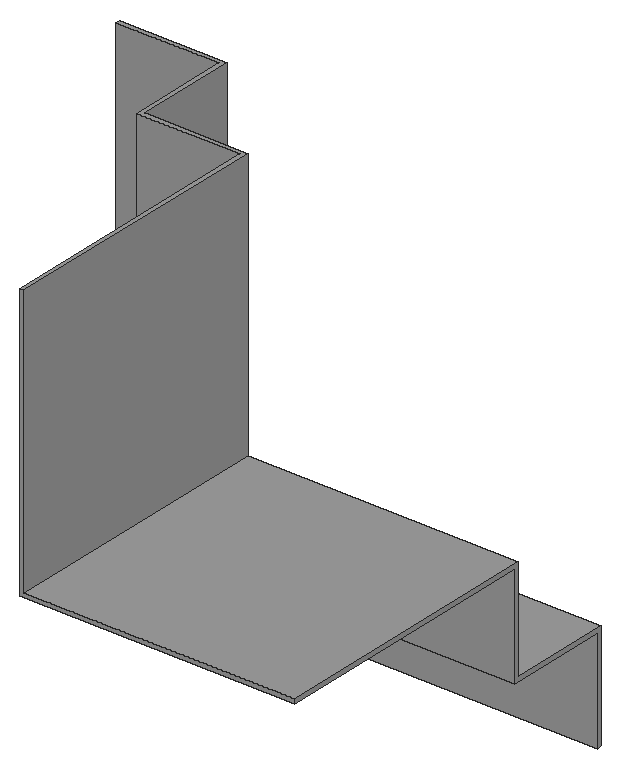
Revit family "38529882-464b-4463-8859-1b91d0413949", category Generic Models, Revit 2012
Parameters (values of type "As Specified")
  Unit Width = 0' - 7 1/8"
  Unit Height = 0' - 1 1/2"
  Unit Depth = 0' - 6"
  URL = "http://www.hyload.com/"
  Thickness = 0' - 0 1/16"
  Specification = "http://www.arcat.com/sdspecs/htm04/07_65_00hyl.htm"
  Sales Information = "http://www.hyload.com/contact-us"
  Revision = "R1_12-2015"
  Product Properties = "http://www.hyload.com/masonry-flashing/preformed-shapes/"
  Product Data = "http://www.arcat.com/arcatcos/cos33/arc33176.html"
  Model = "Type W4"
  Manufacturer Website = "http://www.hyload.com/"
  Manufacturer Phone - Toll Free = "800-457-4056"
  Manufacturer Phone = "330-769-3546"
  Manufacturer Fax = "330-769-4153"
  Manufacturer Address = "5020 Panther Pkwy., Seville, OH 44273"
  Manufacturer = "Hyload"
  Keynote = "07 65 00"
  Flashing Material = Hyload Flashing Membrane - Grey
  Drawn By = "Robert S. Weygant / Sumex Design"
  Description = "Preformed Hyload Masonry Flashing - Type W4"
  Copyright = "(c) ARCAT, Inc, 2015"
  Construction Details = "http://www.arcat.com/details/hyload/hyload.html?coid=33176"
  Assembly Code = "B3010400"
Reference planes (in)
  plane 1 "Center (Front/Back)": y = 0
  plane 2: z = 0
  plane 3 "Center (Left/Right)": x = 0
  plane 4: x = 5.5
  plane 5: z = 1.5
  plane 6: y = -1.5
  plane 7: z = 7
  plane 8: z = 3
  plane 9: y = -5.5
Forms (in)
  Sweep 1, solid, material "Hyload Flashing Membrane - Grey" <- "Flashing Material"
    path origin (0, 0, 0) x (1, 0, 0) y (0, 0, 1)
      loop
        line (5.5, 1.5) -> (0, 1.5) -> (0, 7)
    profile origin (2.75, 0, 1.5) x (0, 0, -1) y (0, -1, 0)
      loop
        line (0, 0) -> (0, 1.5) -> (-1.5, 1.5) -> (-1.5, 5.5) -> (-1.5625, 5.5) -> (-1.5625, 1.4375) -> (-0.0625, 1.4375) -> (-0.0625, -0.0625) -> (1.5, -0.0625) -> (1.5, 0) -> (0, 0)
Dimensions and locks (in)
  "Unit Height": plane 5 to level
  plane 1 "Center (Front/Back)" to plane 6 = 0' - 1 1/2"
  plane 7 to level = 0' - 7"
  plane 4 to plane 3 "Center (Left/Right)" = 0' - 5 1/2"
  "Thickness": Sweep 1 sketch curve to Sweep 1 sketch curve
  plane 8 to plane 5 = 0' - 1 1/2"
  "Thickness": Sweep 1 sketch curve to plane 6
  "Thickness": Sweep 1 sketch curve to plane 5
  "Thickness": Sweep 1 sketch curve to plane 1 "Center (Front/Back)"
  plane 6 to plane 9 = 0' - 4"
  aligned and locked: plane 2 to level
  aligned and locked: plane 3 "Center (Left/Right)" to Sweep 1 sketch curve
  aligned and locked: plane 5 to Sweep 1 sketch curve  (x2)
  aligned and locked: Sweep 1 sketch curve to plane 6
  aligned and locked: Sweep 1 sketch curve to level
  aligned and locked: plane 7 to Sweep 1 sketch curve
  aligned and locked: Sweep 1 sketch curve to plane 8
  aligned and locked: plane 9 to Sweep 1 sketch curve
Automatic sketch dimensions
  Sweep 1 sketch curve to plane 4 = 0' - 0"
  Sweep 1 sketch curve to plane 1 "Center (Front/Back)" = 0' - 0"
